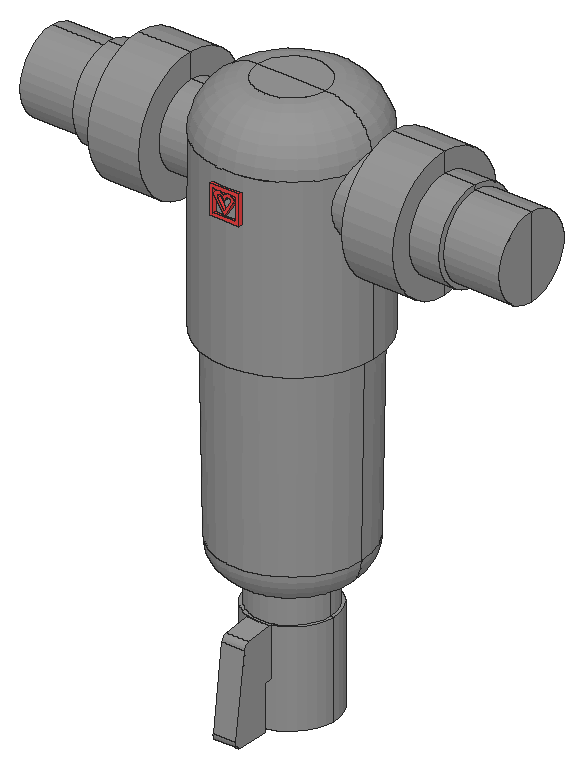
Revit family "Фильтр для горячей воды 0554", category Rohrzubehör, Revit 2020
Family settings
  Bemaßung runder Anschluss = Durchmesser verwenden
  Teiletyp = Unterbricht
  OmniClass-Nummer = 23.65.55.14
  OmniClass-Titel = Valves for Liquid Services
  Arbeitsebenenbasiert = Nein
  Immer vertikal = Ja
  Beim Laden mit Abzugskörper schneiden = Nein
  Gemeinsam genutzt = Nein
Parameters
  Фильтрующий элемент = "нержавеющая сталь, тонкость фильтрации 100 мкм"  # constant formula
  Среда = "Питьевая вода"  # constant formula
  Примечание = "В соответствии со статьей 33 Регламента REACH (Registration; Evaluation; Authorisation; Restriction of Chemicals) (EC № 1907/2006) мы обязаны указать, что свинец внесен в список SVHC (Substances of Very High Concern - вещества очень высокой важности) и весовой процент свинца во всех латунных компонентах заводского изготовления в наших изделиях, превышает 0,1 % (w/w) (CAS: 7439-92-1 / EINECS: 231-100-4).\r\nПоскольку свинец является легирующим компонентом сплава, прямое негативное влияние исключается, и поэтому дополнительной информации о безопасном использовании не требуется."
  Макс. рабочее давление = 1600000.0 Pa  # constant formula
  Макс. рабочая температура = 60 °C  # constant formula
  Корпус = "латунь, CW617N"  # constant formula
  Исполнение = "HERZ-фильтр для воды устанавливается на вводе в здание для предотвращения попадания загрязнений в питьевую воду."
  W02 = 88.00°  # constant formula
  W01 = 89.00°  # constant formula
  Vorgabe-Ansicht = 0.000 mm
  VRS01 = 10.000 mm  # constant formula
  SC_NennweiteBerechnet = 0
  SC_Dimension = ""
  SCTWSEQ = "FI;SBT_TYP_FI=\"FI\";2"
  SCTWCODE = "02;00;02"  # constant formula
  S01 [instance] = (L02 + VRL01 + VRL02) - (L01 / 2)  # 30.500 mm
  Модель = "Фильтр для горячей воды с корпусом из латуни и чашей из трогамида."
  Чаша = "пластик, трогамид"  # constant formula
  GT [instance] = size_lookup("0554_", "GT", 1.000 mm, Nennweite)  # 17.500 mm
  VRL02 [instance] = size_lookup("0554_", "VRL2", 1.000 mm, Nennweite)  # 27.000 mm
  VRL01 [instance] = size_lookup("0554_", "VRL1", 1.000 mm, Nennweite)  # 16.000 mm
  VRD02 [instance] = size_lookup("0554_", "VRD2", 1.000 mm, Nennweite)  # 14.000 mm
  VRD01 [instance] = size_lookup("0554_", "VRD1", 1.000 mm, Nennweite)  # 20.000 mm
  URL = "www.herz-armaturen.ru"
  T01 = 1.000 mm  # constant formula
  R02 = 8.000 mm  # constant formula
  R01 = 12.500 mm  # constant formula
  Nennweite [instance] = 25.000 mm
  D02 = 22.750 mm  # constant formula
  L02 [instance] = size_lookup("0554_", "L2", 1.000 mm, Nennweite)  # 31.500 mm
  L01 [instance] = size_lookup("0554_", "L1", 1.000 mm, Nennweite)  # 88.000 mm
  Hersteller = "HERZ Armaturen Ges.m.b.H."  # constant formula
  H04 = 151.000 mm  # constant formula
  H03 = 67.500 mm  # constant formula
  H02 = 45.500 mm  # constant formula
  H01 = 24.000 mm  # constant formula
  Номер заказа [instance] = if(Nennweite = 15.000 mm, "I055401", if(Nennweite = 20.000 mm, "I055402", if(Nennweite = 25.000 mm, "I055403", "0")))  # "I055403"
  AG [instance] = Nennweite / 2  # 12.500 mm
  D01 = 25.500 mm  # constant formula
Reference planes
  plane 1 "Mitte (Vorne/hinten)": y = 0
  plane 2: z = 0
  plane 3 "Mitte (Links/rechts)": x = 0
Forms (mm)
  Revolve 1, solid, material "Messing, weicher Gelbton, geschweißt", detail levels fine
    sketch origin (0, 0, 0) x (1, 0, 0) y (0, 0, 1)
      loop
        line (-44, 0) -> (44, 0) -> (44, 12.5) -> (-44, 12.5) -> (-44, 0)
      axis (-44, 0) -> (44, 0)
    angle from 0 to 360
  Revolve 2, solid, material "Messing, weicher Gelbton, geschweißt", detail levels fine
    sketch origin (0, 0, 0) x (1, 0, 0) y (0, 0, 1)
      loop
        line (-31.5, 0) -> (-31.5, 20) -> (-47.5, 20) -> (-47.5, 14) -> (-57, 14) -> (-57, 12.5) -> (-74.5, 12.5) -> (-74.5, 0) -> (-31.5, 0)
      axis (-74.5, 0) -> (-31.5, 0)
    angle from 0 to 360
  Revolve 3, solid, material "Messing, weicher Gelbton, geschweißt", detail levels fine
    sketch origin (0, 0, 0) x (-1, 0, 0) y (0, 0, 1)
      loop
        line (-31.5, 0) -> (-31.5, 20) -> (-47.5, 20) -> (-47.5, 14) -> (-57, 14) -> (-57, 12.5) -> (-74.5, 12.5) -> (-74.5, 0) -> (-31.5, 0)
      axis (-74.5, 0) -> (-31.5, 0)
    angle from 0 to 360
  Revolve 4, solid, material "Messing, weicher Gelbton, geschweißt", detail levels fine
    sketch origin (0, 0, 0) x (1, 0, 0) y (0, 0, 1)
      loop
        line (0, -45.5) -> (0, 24) -> (-10.5, 24)
        arc (-10.5, 24) -> (-21.107, 19.607) -> (-25.5, 9) r 15
        line (-25.5, 9) -> (-25.5, -45.5) -> (0, -45.5)
      axis (0, 24) -> (0, -45.5)
    angle from 0 to 360
  Revolve 5, solid, material "ABS-Kunststoff", detail levels fine
    sketch origin (0, 0, 0) x (1, 0, 0) y (0, 0, 1)
      loop
        line (0, -45.5) -> (-22.75, -45.5) -> (-21.744, -103.156)
        arc (-21.744, -103.156) -> (-19.193, -109.695) -> (-13, -113) r 10.114
        line (-13, -113) -> (0, -113) -> (0, -45.5)
      axis (0, -45.5) -> (0, -113)
    angle from 0 to 360
  Revolve 6, solid, material "Aluminium 3003-H16", detail levels fine
    sketch origin (0, 0, 0) x (1, 0, 0) y (0, 0, 1)
      loop
        line (-13.007, -151) -> (0, -151) -> (0, -113) -> (-12.007, -113) -> (-12.007, -122) -> (-13.007, -122) -> (-13.007, -151)
      axis (0, -113) -> (0, -151)
    angle from 0 to 360
  Extrusion 7, solid, material "Acetalharz, Schwarz", detail levels fine
    sketch origin (0, 0, 0) x (0, 1, 0) y (0, 0, 1)
      loop
        line (-15.045, -151) -> (-15.045, -137.8)
        arc (-15.045, -137.8) -> (-14.81, -137.234) -> (-14.245, -137) r 0.8
        line (-14.245, -137) -> (0, -137) -> (0, -122) -> (-12.995, -122) -> (-20.95, -122.837)
        arc (-20.95, -122.837) -> (-22.128, -123.386) -> (-22.72, -124.543) r 2
        line (-22.72, -124.543) -> (-26.174, -148.717)
        arc (-26.174, -148.717) -> (-25.705, -150.31) -> (-24.194, -151) r 2
        line (-24.194, -151) -> (-15.045, -151)
    from 3.5 to -3.5
Lines and regions (mm)
  model lines, detail levels coarse+medium
    curve 1: line (-44, 0, 24) -> (-44, 0, -24)
    curve 2: line (-44, 0, -24) -> (44, 0, -24)
    curve 3: line (44, 0, -24) -> (44, 0, 24)
    curve 4: line (44, 0, 24) -> (-44, 0, 24)
    curve 5: line (44, 0, 24) -> (12.5, 0, 0)
    curve 6: line (12.5, 0, 0) -> (44, 0, -24)
    curve 7: line (44, 0, 24) -> (54, 0, 24)
    curve 8: line (54, 0, 24) -> (44, 0, 0)
    curve 9: line (44, 0, -24) -> (54, 0, -24)
    curve 10: line (54, 0, -24) -> (44, 0, 0)
    curve 11: line (44, 0, 0) -> (74.5, 0, 0)
    curve 12: line (-44, 0, 24) -> (-54, 0, 24)
    curve 13: line (-54, 0, 24) -> (-44, 0, 0)
    curve 14: line (-44, 0, -24) -> (-54, 0, -24)
    curve 15: line (-54, 0, -24) -> (-44, 0, 0)
    curve 16: line (-44, 0, 0) -> (-74.5, 0, 0)
    curve 17: line (-44, -24, 0) -> (44, -24, 0)
    curve 18: line (-44, 24, 0) -> (-44, -24, 0)
    curve 19: line (44, 24, 0) -> (-44, 24, 0)
    curve 20: line (44, -24, 0) -> (44, 24, 0)
    curve 21: line (44, 24, 0) -> (8.232, 0, 0)
    curve 22: line (8.232, 0, 0) -> (44, -24, 0)
    curve 23: line (44, 24, 0) -> (54, 24, 0)
    curve 24: line (54, 24, 0) -> (44, 0, 0)
    curve 25: line (44, -24, 0) -> (54, -24, 0)
    curve 26: line (54, -24, 0) -> (44, 0, 0)
    curve 27: line (-44, 24, 0) -> (-54, 24, 0)
    curve 28: line (-54, 24, 0) -> (-44, 0, 0)
    curve 29: line (-44, -24, 0) -> (-54, -24, 0)
    curve 30: line (-54, -24, 0) -> (-44, 0, 0)
Dimensions and locks
  "L01": Revolve 1 sketch curve to Revolve 1 sketch curve
  equal spacing: Revolve 1 sketch curve, plane 3 "Mitte (Links/rechts)", Revolve 1 sketch curve
  "R01": Revolve 1 sketch curve to plane 2
  "L02": plane 3 "Mitte (Links/rechts)" to Revolve 2 sketch curve
  "VRL01": Revolve 2 sketch curve to Revolve 2 sketch curve
  "VRL02": Revolve 2 sketch curve to Revolve 2 sketch curve
  "GT": Revolve 2 sketch curve to Revolve 2 sketch curve
  "VRD01": Revolve 2 sketch curve to Revolve 2 sketch curve
  "VRD02": Revolve 2 sketch curve to Revolve 2 sketch curve
  "AG": Revolve 2 sketch curve to Revolve 2 sketch curve
  "VRL01": Revolve 3 sketch curve to Revolve 3 sketch curve
  "VRL02": Revolve 3 sketch curve to Revolve 3 sketch curve
  "GT": Revolve 3 sketch curve to Revolve 3 sketch curve
  "VRD01": Revolve 3 sketch curve to Revolve 3 sketch curve
  "VRD02": Revolve 3 sketch curve to Revolve 3 sketch curve
  "AG": Revolve 3 sketch curve to Revolve 3 sketch curve
  "L02": Revolve 3 sketch curve to plane 3 "Mitte (Links/rechts)"
  "H01": Revolve 4 sketch curve to plane 2
  "D01": Revolve 4 sketch curve to Revolve 4 sketch curve
  "H02": plane 2 to Revolve 4 sketch curve
  "D02": Revolve 5 sketch curve to Revolve 5 sketch curve
  "H02": plane 2 to Revolve 5 sketch curve
  "H03": Revolve 5 sketch curve to Revolve 5 sketch curve
  "H04": plane 2 to Revolve 6 sketch curve
  "D01": nested 1 to plane 1 "Mitte (Vorne/hinten)"
  equal spacing: curve 1, plane 3 "Mitte (Links/rechts)", curve 3
  "H01": curve 4 to level to curve 2
  "L01": curve 1 to curve 3
  "L02": curve 3 to curve 6
  "VRS01": curve 8 to curve 3
  "VRS01": curve 10 to curve 3
  "S01": curve 11 to curve 3
  "VRS01": curve 13 to curve 1
  "VRS01": curve 15 to curve 1
  "S01": curve 16 to Revolve 1
  "L01": curve 18 to curve 20
  equal spacing: curve 18, plane 3 "Mitte (Links/rechts)", curve 20
  "H01": curve 19 to plane 1 "Mitte (Vorne/hinten)" to curve 17
  "VRS01": curve 20 to curve 24
  "VRS01": curve 20 to curve 26
  "VRS01": curve 28 to curve 18
  "VRS01": curve 30 to curve 18
  "W01": angle Revolve 5 sketch curve to Revolve 4
  aligned and locked: level to plane 2
Automatic sketch dimensions
  Extrusion 7 sketch curve to plane 1 "Mitte (Vorne/hinten)" = 0.000 mm
  plane 1 "Mitte (Vorne/hinten)" to Extrusion 7 sketch curve = 12.995 mm
  plane 1 "Mitte (Vorne/hinten)" to Extrusion 7 sketch curve = 14.245 mm
  Extrusion 7 sketch curve to Extrusion 7 sketch curve = 0.800 mm
  Extrusion 7 sketch curve to Extrusion 7 sketch curve = 7.746 mm
  Extrusion 7 sketch curve to Extrusion 7 sketch curve = 0.209 mm
  Extrusion 7 sketch curve to Extrusion 7 sketch curve = 1.980 mm  (x2)
  Extrusion 7 sketch curve to Extrusion 7 sketch curve = 9.149 mm
  Extrusion 7 sketch curve to level = 151.000 mm
  Extrusion 7 sketch curve to Extrusion 7 sketch curve = 2.000 mm
  Extrusion 7 sketch curve to Extrusion 7 sketch curve = 13.200 mm
  Extrusion 7 sketch curve to Extrusion 7 sketch curve = 12.174 mm
  Extrusion 7 sketch curve to Extrusion 7 sketch curve = 0.283 mm
  Extrusion 7 sketch curve to Extrusion 7 sketch curve = 15.000 mm
  curve 15 to level = 0.000 mm
  curve 11 to level = 0.000 mm
  curve 8 to level = 0.000 mm
  curve 5 to level = 0.000 mm
  plane 1 "Mitte (Vorne/hinten)" to curve 22 = 0.000 mm
  plane 1 "Mitte (Vorne/hinten)" to curve 28 = 0.000 mm
  plane 1 "Mitte (Vorne/hinten)" to curve 24 = 0.000 mm
  plane 1 "Mitte (Vorne/hinten)" to curve 26 = 0.000 mm
  plane 3 "Mitte (Links/rechts)" to curve 22 = 8.232 mm
  Revolve 1 sketch curve to level = 0.000 mm  (x2)
  Revolve 1 sketch curve to Revolve 1 sketch curve = 1474.830 mm
  Revolve 1 sketch curve to Revolve 1 sketch curve = 1807.448 mm
  Revolve 2 sketch curve to level = 0.000 mm  (x2)
  Revolve 2 sketch curve to Revolve 2 sketch curve = 1440.530 mm
  plane 3 "Mitte (Links/rechts)" to Revolve 2 sketch curve = 1839.148 mm
  Revolve 3 sketch curve to level = 0.000 mm  (x2)
  Revolve 3 sketch curve to Revolve 3 sketch curve = 1440.530 mm
  plane 3 "Mitte (Links/rechts)" to Revolve 3 sketch curve = 1839.148 mm
  Revolve 4 sketch curve to plane 3 "Mitte (Links/rechts)" = 0.000 mm  (x2)
  level to Revolve 4 sketch curve = 9.000 mm
  Revolve 4 sketch curve to Revolve 4 sketch curve = 320.545 mm
  Revolve 4 sketch curve to Revolve 4 sketch curve = 2190.315 mm
  Revolve 5 sketch curve to plane 3 "Mitte (Links/rechts)" = 0.000 mm  (x2)
  Revolve 5 sketch curve to plane 3 "Mitte (Links/rechts)" = 21.744 mm
  Revolve 5 sketch curve to Revolve 5 sketch curve = 13.000 mm
  Revolve 5 sketch curve to Revolve 5 sketch curve = 10.112 mm
  Revolve 5 sketch curve to Revolve 5 sketch curve = 255.045 mm
  level to Revolve 5 sketch curve = 2214.315 mm
  Revolve 6 sketch curve to plane 3 "Mitte (Links/rechts)" = 0.000 mm  (x2)
  Revolve 6 sketch curve to plane 3 "Mitte (Links/rechts)" = 12.007 mm
  Revolve 6 sketch curve to plane 3 "Mitte (Links/rechts)" = 13.007 mm
  Revolve 6 sketch curve to Revolve 6 sketch curve = 29.000 mm
  Revolve 6 sketch curve to Revolve 6 sketch curve = 9.000 mm
  Revolve 6 sketch curve to Revolve 6 sketch curve = 192.045 mm
  level to Revolve 6 sketch curve = 2214.315 mm
Nested families
  nested 1: "Herz-Logo-vorne" at (0, -25.5, 0) x (0, 1, 0) z (0, 0, 1), type "Herz-Logo-vorne", detail levels fine
Connectors
  piping at (-74.5, 0, 0), diameter 25, driven by "Nennweite"
    settings: on Revolve 2, index 1, connector inside diameter 609.6 mm, connector length 0.000 mm, flow factor 0, pipe flow 0.0 L/s, pressure drop 0.0 Pa, fitting loss kfactor 0, connector angle 0.00°, fixture units 0, engagement length 0.000 mm, angle of deflection 0.00°, flow configuration 0, flow direction 1, fitting loss method 0, system type 19, joint type 0, gender type 0, connector reference index -1, connector utility 0, adjustable connector no, is connector primary yes, connector description ""
  piping at (74.5, 0, 0), diameter 25, driven by "Nennweite"
    settings: on Revolve 3, index 2, connector inside diameter 609.6 mm, connector length 0.000 mm, flow factor 0, pipe flow 0.0 L/s, pressure drop 0.0 Pa, fitting loss kfactor 0, connector angle 0.00°, fixture units 0, engagement length 0.000 mm, angle of deflection 0.00°, flow configuration 0, flow direction 2, fitting loss method 0, system type 19, joint type 0, gender type 0, connector reference index -1, connector utility 0, adjustable connector no, is connector primary no, connector description ""
Definition of nested family "Herz-Logo-vorne"
  Parameters (values of type "Herz-Logo-vorne")
    Default Elevation = 0.000 mm
  Reference planes
    plane 1 "Mitte (Vorne/hinten)": y = 0
    plane 2: z = 0
    plane 3 "Mitte (Links/rechts)": x = 0
  Forms (mm)
    Extrusion 1, solid
      sketch origin (0.732, -0.018, 0.017) x (0, -1, 0) y (0, 0, 1)
        loop
          line (-0.018, -4.517) -> (4.482, -4.517) -> (4.482, 4.483) -> (-4.518, 4.483) -> (-4.518, -4.517) -> (-0.018, -4.517)
        loop
          line (-0.05, -3.48) -> (3.482, -3.48) -> (3.482, 3.483) -> (-3.518, 3.483) -> (-3.518, -3.48) -> (-0.05, -3.48)
        loop
          arc (-0.018, 2.383) -> (-1.543, 3.287) -> (-3.067, 2.383) r 1.738
          arc (-3.067, 2.383) -> (-3.191, 1.899) -> (-3.067, 1.415) r 1.009
          line (-3.067, 1.415) -> (-0.018, -3.281) -> (3.032, 1.415)
          arc (3.032, 1.415) -> (3.156, 1.899) -> (3.032, 2.383) r 1.009
          arc (3.032, 2.383) -> (1.507, 3.287) -> (-0.018, 2.383) r 1.738
        loop
          arc (1.885, 1.272) -> (2.005, 1.675) -> (1.885, 2.079) r 0.74
          arc (1.885, 2.079) -> (1.265, 2.416) -> (0.644, 2.079) r 0.74
          line (0.644, 2.079) -> (-0.018, 0.97) -> (-0.679, 2.079)
          arc (-0.679, 2.079) -> (-1.3, 2.416) -> (-1.921, 2.079) r 0.74
          arc (-1.921, 2.079) -> (-2.04, 1.675) -> (-1.921, 1.272) r 0.74
          line (-1.921, 1.272) -> (-0.018, -1.658) -> (1.885, 1.272)
      from 0 to 1.5
  Dimensions and locks
    aligned and locked: level to plane 2
